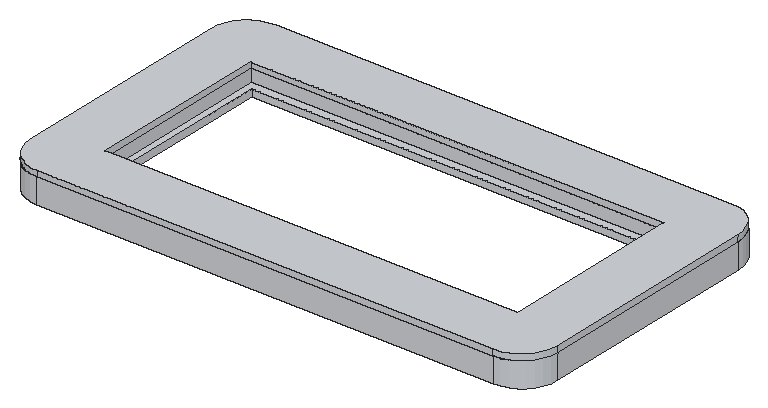
Revit family "Gira_1002416", category Electrical Fixtures, host Face, Revit 2017
Family settings
  Host = Face
  Maintain Annotation Orientation = No
  Round Connector Dimension = Use Diameter
  Part Type = Normal
  Cut with Voids When Loaded = No
  Shared = No
  Room Calculation Point = No
Parameters (values of type "Abdeckrahmen 2f o.M. Gira E3 Umbra/Reinweiß")
  Werkstoffgüte = "sonstige"
  Werkstoff = "sonstige"
  URL = "http://katalog.gira.de/de_DE/datenblatt.html?artikelnr=1002416"
  Transparent = "No"
  Textfeld/Beschriftungsfläche = "No"
  Schutzart (IP) = "IP20"
  Region = "DE"
  Oberfläche = "sonstige"
  Name = "Abdeckrahmen 2f o.M. Gira E3 Umbra/Reinweiß"
  Montagerichtung = "horizontal und vertikal"
  Mit Montagerahmen = "No"
  Mit Klappdeckel = "No"
  Manufacturer URL = "https://www.gira.de/"
  Keynote = "E3_Rahmen_2fach o.Mittelsteg"
  HeinzeBIM = "https://bimportal.heinze.de/bim/abdeckrahmen-2f-o-m-gira-e3-umbra-reinweiss/c5fb9a92dd1ff8c9200ec9bb5c050b2296e44790"
  Halogenfrei = "No"
  HAN = "1002416"
  Geeignet für Unterputz-Installation = "Yes"
  Geeignet für Unterflurkanaldose = "No"
  Geeignet für Geräteeinbaukanal = "No"
  Geeignet für Einbauinstallation = "No"
  GTIN = "4010337024446"
  Farbe = "sonstige"
  Default Elevation = 1219.2 mm
  Data sheet (1) = "https://katalog.gira.de/de_DE/download.html?artikelnr=1002416"
  Category = "Abdeckrahmen"
  Befestigungsart = "Klemmbefestigung"
  Available = "Yes"
  Anzahl der Einheiten vertikal = "1 "
  Anzahl der Einheiten horizontal = "1 "
  Anzahl der Einheiten = "1 "
Reference planes
  plane 1 "Center (Front/Back)": y = 0
  plane 2: z = 0
  plane 3 "Center (Left/Right)": x = 0
Forms (mm)
  Extrusion 1, solid
    sketch origin (0, 0, 0) x (1, 0, 0) y (0, 1, 0)
      loop
        arc (-70.233, 45.809) -> (-78.018, 42.585) -> (-81.243, 34.8) r 11.009
        line (-81.243, 34.8) -> (-81.243, -34.8)
        arc (-81.243, -34.8) -> (-78.018, -42.585) -> (-70.233, -45.809) r 11.009
        line (-70.233, -45.809) -> (70.233, -45.809)
        arc (70.233, -45.809) -> (78.018, -42.585) -> (81.243, -34.8) r 11.009
        line (81.243, -34.8) -> (81.243, 34.8)
        arc (81.243, 34.8) -> (78.018, 42.585) -> (70.233, 45.809) r 11.009
        line (70.233, 45.809) -> (-70.233, 45.809)
      loop
        line (63.62, 28.156) -> (-63.62, 28.156) -> (-63.62, -28.156) -> (63.62, -28.156) -> (63.62, 28.156)
    from 7.65 to 9.5
  Extrusion 2, solid
    sketch origin (0, 0, 0) x (1, 0, 0) y (0, 1, 0)
      loop
        line (61.452, 25.7) -> (-61.448, 25.7) -> (-61.448, -25.7) -> (61.452, -25.7) -> (61.452, 25.7)
      loop
        line (-63.935, -28.156) -> (63.939, -28.156) -> (63.939, 28.156) -> (-63.935, 28.156) -> (-63.935, -28.156)
    from 1.65 to 3.9
  Extrusion 3, solid
    sketch origin (0, 0, 0) x (1, 0, 0) y (0, 1, 0)
      loop
        arc (-70.346, 45.809) -> (-78.131, 42.585) -> (-81.355, 34.8) r 11.009
        line (-81.355, 34.8) -> (-81.355, -34.8)
        arc (-81.355, -34.8) -> (-78.131, -42.585) -> (-70.346, -45.809) r 11.009
        line (-70.346, -45.809) -> (70.35, -45.809)
        arc (70.35, -45.809) -> (78.134, -42.585) -> (81.359, -34.8) r 11.009
        line (81.359, -34.8) -> (81.359, 34.8)
        arc (81.359, 34.8) -> (78.134, 42.585) -> (70.35, 45.809) r 11.009
        line (70.35, 45.809) -> (-70.346, 45.809)
      loop
        line (-79.389, 34.785) -> (-79.389, -34.785)
        arc (-79.389, -34.785) -> (-76.736, -41.19) -> (-70.331, -43.843) r 9.058
        line (-70.331, -43.843) -> (70.334, -43.843)
        arc (70.334, -43.843) -> (76.74, -41.19) -> (79.393, -34.785) r 9.058
        line (79.393, -34.785) -> (79.393, 34.785)
        arc (79.393, 34.785) -> (76.74, 41.19) -> (70.334, 43.843) r 9.058
        line (70.334, 43.843) -> (-70.331, 43.843)
        arc (-70.331, 43.843) -> (-76.736, 41.19) -> (-79.389, 34.785) r 9.058
    from 0 to 7.65
  Extrusion 4, solid
    sketch origin (0, 0, 0) x (1, 0, 0) y (0, 1, 0)
      loop
        line (-67.501, -39.8) -> (67.505, -39.8)
        arc (67.505, -39.8) -> (73.119, -36.708) -> (75.352, -30.7) r 9.2
        line (75.352, -30.7) -> (75.352, 30.7)
        arc (75.352, 30.7) -> (72.657, 37.205) -> (66.152, 39.9) r 9.2
        line (66.152, 39.9) -> (-66.148, 39.9)
        arc (-66.148, 39.9) -> (-72.653, 37.205) -> (-75.348, 30.7) r 9.2
        line (-75.348, 30.7) -> (-75.348, -30.7)
        arc (-75.348, -30.7) -> (-73.115, -36.708) -> (-67.501, -39.8) r 9.2
      loop
        line (-66.148, -31.7) -> (66.152, -31.7)
        arc (66.152, -31.7) -> (66.859, -31.407) -> (67.152, -30.7) r 1
        line (67.152, -30.7) -> (67.152, 30.7)
        arc (67.152, 30.7) -> (66.859, 31.407) -> (66.152, 31.7) r 1
        line (66.152, 31.7) -> (-66.148, 31.7)
        arc (-66.148, 31.7) -> (-66.855, 31.407) -> (-67.148, 30.7) r 1
        line (-67.148, 30.7) -> (-67.148, -30.7)
        arc (-67.148, -30.7) -> (-66.855, -31.407) -> (-66.148, -31.7) r 1
    from 1.65 to 3.9
  Extrusion 5, solid
    sketch origin (0, 0, 0) x (1, 0, 0) y (0, 1, 0)
      loop
        line (-63.62, 28.156) -> (-63.62, -28.156) -> (63.62, -28.156) -> (63.62, 28.156) -> (-63.62, 28.156)
      loop
        line (-66.692, 27.327) -> (-66.692, -27.327)
        arc (-66.692, -27.327) -> (-65.601, -29.977) -> (-62.954, -31.075) r 3.739
        line (-62.954, -31.075) -> (62.958, -31.075)
        arc (62.958, -31.075) -> (65.601, -29.98) -> (66.696, -27.337) r 3.739
        line (66.696, -27.337) -> (66.696, 27.337)
        arc (66.696, 27.337) -> (65.601, 29.98) -> (62.958, 31.075) r 3.739
        line (62.958, 31.075) -> (-62.954, 31.075)
        arc (-62.954, 31.075) -> (-65.601, 29.977) -> (-66.692, 27.327) r 3.739
    from 1.65 to 7.65
  Extrusion 6, solid, detail levels coarse+medium
    sketch origin (0, 0, 0) x (1, 0, 0) y (0, 1, 0)
      loop
        line (-81.355, 45.809) -> (-81.355, -45.809) -> (81.359, -45.809) -> (81.359, 45.809) -> (-81.355, 45.809)
    from 0 to 9.5
Dimensions and locks
  aligned and locked: plane 2 to host face
  aligned and locked: level to host face
